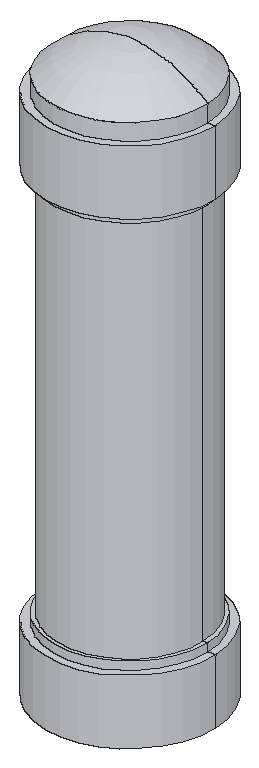
Revit family
Parameters (values of type "SBS-009.5")
  URL = "www.strombergarchitectural.com"
  Top Material = GFRC
  Submittal Sheet = "www.strombergarchitectural.com/images/materials/gfrc/submittal/gfrc-submittal-sheet.pdf"
  Specifications = "www.strombergarchitectural.com/gfrcspecifications"
  Model Cut-sheet = "www.strombergarchitectural.com/products/bollards/design/sbs-009"
  Model = "SBS-009"
  Manufacturer = "Stromberg Architectural Products"
  Guidebook = "www.strombergarchitectural.com/images/materials/gfrc/handbooks/gfrc_guidebook.pdf"
  Frame Material = none
  Width = "1'  2\""
  Description = "GFRC Bollard"
  Assembly Code = ""
  Height = 4' - 0"
  009.5 = yes
  009.4 = no
  009.3 = no
  009.2 = no
  009.1 = no
Types (6): name | Width | Height | 009.5 | 009.4 | 009.3 | 009.2 | 009.1
  (no name) | "1'  2\"" | 4' - 0" | yes | no | no | no | no
  SBS-009.1 | "0'  7\"" | 2' - 0" | no | no | no | no | yes
  SBS-009.2 | "0'  9\"" | 2' - 6" | no | no | no | yes | no
  SBS-009.3 | "0'  10\"" | 3' - 0" | no | no | yes | no | no
  SBS-009.4 | "1'  0\"" | 3' - 6" | no | yes | no | no | no
  SBS-009.5 | "1'  2\"" | 4' - 0" | yes | no | no | no | no
Reference planes (in)
  plane 1 "Center (Front/Back)": y = 3.74847
  plane 2: z = 0
  plane 3 "Center (Left/Right)": x = 0.7278
  plane 4 "Front": y = -3.25153
  plane 5 "Back": y = 10.74847
  plane 6 "Left": x = -17.2722
  plane 7 "Right": x = 17.7278
Forms (in)
  Revolve 1, solid, visible <- "009.1"
    sketch origin (0, 3.74847, 0) x (1, 0, 0) y (0, 0, 1)
      loop
        line (0.7278, 0) -> (0.7278, 24)
        arc (0.7278, 24) -> (-0.98499, 23.64078) -> (-2.43887, 22.66667) r 4.59045
        line (-2.43887, 22.66667) -> (-2.43887, 22) -> (-2.7722, 22) -> (-2.7722, 19.33333) -> (-2.43887, 19.33333) -> (-2.43887, 19) -> (-2.2722, 19) -> (-2.2722, 3) -> (-2.43887, 3) -> (-2.43887, 2.66667) -> (-2.7722, 2.66667) -> (-2.7722, 0) -> (0.7278, 0)
      axis (0.7278, 24) -> (0.7278, 0)
    angle from 0 to 360
  Revolve 2, solid, visible <- "009.2"
    sketch origin (0, 3.74847, 0) x (1, 0, 0) y (0, 0, 1)
      loop
        arc (0.7278, 30) -> (-1.47145, 29.55274) -> (-3.35553, 28.33333) r 6.03939
        line (-3.35553, 28.33333) -> (-3.35553, 27.5) -> (-3.7722, 27.5) -> (-3.7722, 24.16667) -> (-3.35553, 24.16667) -> (-3.35553, 23.75) -> (-3.1472, 23.75) -> (-3.1472, 3.75) -> (-3.35553, 3.75) -> (-3.35553, 3.33333) -> (-3.7722, 3.33333) -> (-3.7722, 0) -> (0.7278, 0) -> (0.7278, 30)
      axis (0.7278, 30) -> (0.7278, 0)
    angle from 0 to 360
  Revolve 3, solid, visible <- "009.3"
    sketch origin (0, 3.74847, 0) x (1, 0, 0) y (0, 0, 1)
      loop
        arc (0.7278, 36) -> (-1.7292, 35.45558) -> (-3.77784, 33.99396) r 6.308
        line (-3.77784, 33.99396) -> (-3.77784, 32.99396) -> (-4.2722, 32.99396) -> (-4.2722, 29) -> (-3.7722, 29) -> (-3.7722, 28.5) -> (-3.5222, 28.5) -> (-3.5222, 4.5) -> (-3.7722, 4.5) -> (-3.7722, 4) -> (-4.2722, 4) -> (-4.2722, 0) -> (0.7278, 0) -> (0.7278, 36)
      axis (0.7278, 36) -> (0.7278, 0)
    angle from 0 to 360
  Revolve 4, solid, visible <- "009.4"
    sketch origin (0, 3.74847, 0) x (1, 0, 0) y (0, 0, 1)
      loop
        arc (0.7278, 42) -> (-2.22205, 41.36487) -> (-4.68887, 39.62711) r 7.56358
        line (-4.68887, 39.62711) -> (-4.68887, 38.5) -> (-5.2722, 38.5) -> (-5.2722, 33.83333) -> (-4.68887, 33.83333) -> (-4.68887, 33.25) -> (-4.3972, 33.25) -> (-4.3972, 5.25) -> (-4.68887, 5.25) -> (-4.68887, 4.66667) -> (-5.2722, 4.66667) -> (-5.2722, 0) -> (0.7278, 0) -> (0.7278, 42)
      axis (0.7278, 42) -> (0.7278, 0)
    angle from 0 to 360
  Revolve 5, solid, visible <- "009.5"
    sketch origin (0, 3.74847, 0) x (1, 0, 0) y (0, 0, 1)
      loop
        arc (0.7278, 48) -> (-2.69777, 47.28157) -> (-5.60553, 45.33333) r 9.1809
        line (-5.60553, 45.33333) -> (-5.60553, 44) -> (-6.2722, 44) -> (-6.2722, 38.66667) -> (-5.60553, 38.66667) -> (-5.60553, 38) -> (-5.2722, 38) -> (-5.2722, 6) -> (-5.60553, 6) -> (-5.60553, 5.33333) -> (-6.2722, 5.33333) -> (-6.2722, 0) -> (0.7278, 0) -> (0.7278, 48)
      axis (0.7278, 48) -> (0.7278, 0)
    angle from 0 to 360
